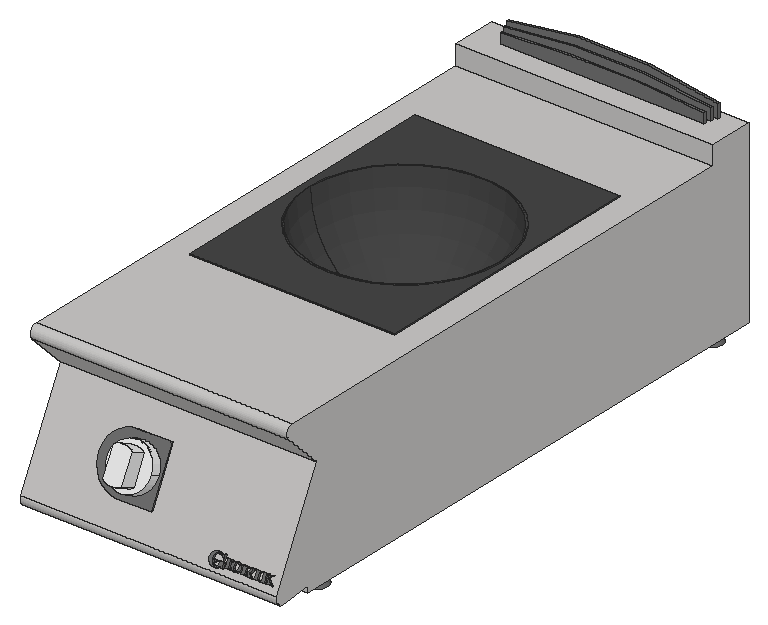
Revit family "QF_GIORIK_CW920T", category Specialty Equipment, Revit 2014
Parameters (values of type "CW920T")
  Weight in Pounds = 99.2079
  Watts = 6000 W
  Volts = 400 V
  URL Cutsheet = "www.giorik.com"
  URL = "www.giorik.com"
  Status [instance] = ""
  Specification by User [instance] = ""
  Specification by Manufacturer = ""
  Show Logo [instance] = yes
  Show Clearance [instance] = yes
  Serial Number = ""
  Seismic Rating = ""
  SMACNA No = ""
  Revision Code [instance] = ""
  Phase = 3
  Number of Poles [instance] = 3
  NAFEM Spec ID Number = ""
  Model = "CW920T"
  Min Ckt Ampacity = 0 A
  Max Overcurrent Protection = 0 A
  Masterspec = ""
  Manufacturer = "GIORIK"
  Item Number [instance] = ""
  Installed By [instance] = ""
  Identify Quantity as Lot [instance] = no
  HP = "8.046120000000"
  Furnished By [instance] = ""
  Foodservice Equipment Identifier [instance] = yes
  FL Amps = 0 A
  Electrical Remarks [instance] = ""
  Electric Connection Type [instance] = ""
  Elec Conn RI Height [instance] = 0 mm
  Elec Conn Connection Height [instance] = 20 mm
  Description = "COUNTERTOP INDUCTION WOK HOB"
  Cycle = 50 Hz
  Conn Plug = ""
  CSI MasterFormat = ""
  Assembly Code = "E1090320"
  Apparent Power = 6000 VA
Reference planes
  plane 1 "Back": y = 0
  plane 2: z = 0
  plane 3 "Left": x = 0
  plane 4 "Right": x = 400
  plane 5 "Front": y = -920
  plane 6 "Top": z = 300
Forms (mm)
  Extrusion 1, solid, visible <- "Show Logo"
    sketch origin (196.604, -936.624, 9.486) x (-1, 0, 0) y (0, 0.452718, 0.891654)
      loop
        line (-118.824, 58.358) -> (-127.804, 58.358) -> (-125.523, 56.445) -> (-125.523, 48.027) -> (-127.804, 46.113) -> (-118.824, 46.113) -> (-121.105, 48.027) -> (-121.105, 56.445) -> (-118.824, 58.358)
      loop
        line (-163.721, 58.358) -> (-172.7, 58.358) -> (-170.42, 56.445) -> (-170.42, 48.027) -> (-172.7, 46.113) -> (-163.721, 46.113) -> (-166.001, 48.027) -> (-166.001, 56.445) -> (-163.721, 58.358)
      loop
        line (-174.332, 58.358) -> (-183.312, 58.358) -> (-181.031, 56.445) -> (-181.031, 52.435) -> (-186.419, 56.955) -> (-184.416, 58.358) -> (-191.268, 58.358) -> (-188.01, 56.839) -> (-185.455, 54.283) -> (-190.846, 47.858) -> (-193.396, 46.93) -> (-193.396, 46.113) -> (-184.416, 46.113) -> (-185.437, 47.571) -> (-182.443, 51.552) -> (-181.031, 50.894) -> (-181.031, 48.027) -> (-183.312, 46.113) -> (-174.332, 46.113) -> (-176.613, 48.027) -> (-176.613, 56.445) -> (-174.332, 58.358)
      loop
        line (-115.429, 62.063) -> (-115.429, 54.198)
        arc (-115.429, 54.198) -> (-111.618, 57.803) -> (-106.847, 59.986) r 16.039
        arc (-106.847, 59.986) -> (-103.314, 59.837) -> (-100.512, 57.68) r 5.851
        arc (-100.512, 57.68) -> (-98.815, 52.267) -> (-100.512, 46.853) r 9.479
        arc (-100.512, 46.853) -> (-102.406, 44.986) -> (-104.846, 43.93) r 7.236
        arc (-104.846, 43.93) -> (-107.728, 44.111) -> (-110.052, 45.825) r 5.11
        line (-110.052, 45.825) -> (-110.052, 52.001) -> (-116.141, 52.001) -> (-116.141, 45.503) -> (-117.893, 43.751) -> (-114.094, 44.769)
        arc (-114.094, 44.769) -> (-112.56, 44.947) -> (-111.129, 44.366) r 3.115
        arc (-111.129, 44.366) -> (-104.216, 42.091) -> (-97.303, 44.366) r 11.641
        arc (-97.303, 44.366) -> (-93.396, 52.107) -> (-97.303, 59.849) r 9.622
        arc (-97.303, 59.849) -> (-104.369, 62.174) -> (-111.435, 59.849) r 11.898
        line (-111.435, 59.849) -> (-115.429, 62.063)
      loop
        arc (-129.234, 56.068) -> (-135.893, 58.628) -> (-142.552, 56.068) r 9.941
        arc (-142.552, 56.068) -> (-144.234, 52.286) -> (-142.552, 48.505) r 5.093
        arc (-142.552, 48.505) -> (-135.893, 45.945) -> (-129.234, 48.505) r 9.941
        arc (-129.234, 48.505) -> (-127.552, 52.286) -> (-129.234, 56.068) r 5.093
      loop
        arc (-132.628, 54.403) -> (-135.893, 57.668) -> (-139.158, 54.403) r 3.265
        line (-139.158, 54.403) -> (-139.158, 50.169)
        arc (-139.158, 50.169) -> (-135.893, 46.904) -> (-132.628, 50.169) r 3.265
        line (-132.628, 50.169) -> (-132.628, 54.403)
      loop
        arc (-156.363, 58.365) -> (-159.647, 55.081) -> (-156.363, 51.796) r 3.285
        line (-156.363, 51.796) -> (-159.529, 47.306) -> (-162.087, 46.113) -> (-155.847, 46.113) -> (-153.529, 51.083) -> (-150.637, 51.083) -> (-150.637, 47.784) -> (-153.022, 46.113) -> (-144.011, 46.113) -> (-146.094, 47.68) -> (-146.094, 56.493) -> (-144.229, 58.365) -> (-156.363, 58.365)
      loop
        line (-150.637, 57.512) -> (-153.637, 57.512)
        arc (-153.637, 57.512) -> (-156.237, 54.912) -> (-153.637, 52.312) r 2.6
        line (-153.637, 52.312) -> (-150.637, 52.312) -> (-150.637, 57.512)
      loop
        line (-108.924, 52.001) -> (-104.936, 49.005) -> (-100.948, 52.001) -> (-108.924, 52.001)
    from 1.5 to -0.5
  Extrusion 2, solid
    sketch origin (-4, -29.862, 5) x (1, 0, 0) y (0, 1, 0)
      loop
        circle (54, -385) r 12.5
    from 0 to 15
  Extrusion 3, solid
    sketch origin (0, 800.138, -620) x (0, 1, 0) y (0, 0, 1)
      loop
        line (-800.138, 919.988) -> (-870.138, 919.988) -> (-870.138, 889.988) -> (-1688.806, 889.988)
        arc (-1688.806, 889.988) -> (-1699.151, 883.075) -> (-1696.724, 870.873) r 11.197
        line (-1696.724, 870.873) -> (-1640.876, 815.025) -> (-1718.948, 661.258)
        arc (-1718.948, 661.258) -> (-1718.233, 650.105) -> (-1708.118, 645.354) r 10.981
        line (-1708.118, 645.354) -> (-1660, 649.925) -> (-1660, 640) -> (-800.138, 640) -> (-800.138, 919.988)
    from 0 to 400
  Extrusion 4, solid
    sketch origin (-273.221, -1163.208, -547.637) x (1, 0, 0) y (0, 0.452718, 0.891654)
      loop
        line (463.221, 676.25) -> (463.221, 766.25) -> (409.698, 766.25)
        arc (409.698, 766.25) -> (364.698, 721.25) -> (409.698, 676.25) r 45
        line (409.698, 676.25) -> (463.221, 676.25)
    from 48 to 50
  Extrusion 5, solid
    sketch origin (501.331, -1208.559, -525.041) x (-1, 0, 0) y (0, -0.45351, -0.891251)
      loop
        circle (351.331, -721.346) r 35
    from 0 to 15
  Extrusion 6, solid
    sketch origin (501.331, -1208.559, -525.041) x (-1, 0, 0) y (0, -0.45351, -0.891251)
      loop
        arc (336.331, -743.846) -> (351.331, -748.846) -> (366.331, -743.846) r 25
        line (366.331, -743.846) -> (366.331, -698.846)
        arc (366.331, -698.846) -> (351.331, -693.846) -> (336.331, -698.846) r 25
        line (336.331, -698.846) -> (336.331, -743.846)
    from 15 to 40
  Extrusion 7, solid
    sketch origin (-94, 0.138, -610.002) x (1, 0, 0) y (0, 0, 1)
      loop
        line (135, 909.989) -> (453, 909.989) -> (453, 925.527) -> (347.056, 931.749) -> (240.944, 931.749) -> (135, 925.527) -> (135, 909.989)
    from 32 to 35
  Extrusion 8, solid
    sketch origin (-92, 10.138, -610.002) x (1, 0, 0) y (0, 0, 1)
      loop
        line (454, 909.989) -> (454, 928.527) -> (346.162, 939.193) -> (237.838, 939.193) -> (130, 928.527) -> (130, 909.989) -> (454, 909.989)
    from 32 to 35
  Extrusion 9, solid
    sketch origin (-90, 20.138, -610.002) x (1, 0, 0) y (0, 0, 1)
      loop
        line (455, 909.989) -> (455, 930.527) -> (345.396, 947.413) -> (234.604, 947.413) -> (125, 930.527) -> (125, 909.989) -> (455, 909.989)
    from 32 to 35
  Extrusion 10, solid
    sketch origin (543.603, 45.293, -30) x (0, 1, 0) y (-1, 0, 0)
      loop
        circle (-79.293, 516.603) r 5
    from 41.965 to 50
  Revolve 11, solid
    sketch origin (27, 49.943, -600) x (0, 1, 0) y (0, 0, 1)
      loop
        line (-83.943, 611.965) -> (-94.752, 611.965) -> (-97.943, 600) -> (-83.943, 600) -> (-83.943, 611.965)
      axis (-83.943, 611.965) -> (-83.943, 600)
    angle from 0 to 360
  Extrusion 12, solid
    sketch origin (-143.603, 45.293, -30) x (0, 1, 0) y (-1, 0, 0)
      loop
        circle (-79.293, -516.603) r 5
    from 41.965 to 50
  Revolve 13, solid
    sketch origin (373, 49.943, -600) x (0, 1, 0) y (0, 0, -1)
      loop
        line (-83.943, -611.965) -> (-83.943, -600) -> (-97.943, -600) -> (-94.752, -611.965) -> (-83.943, -611.965)
      axis (-83.943, -611.965) -> (-83.943, -600)
    angle from 0 to 360
  Extrusion 14, solid
    sketch origin (543.603, -724.569, -30) x (0, 1, 0) y (-1, 0, 0)
      loop
        circle (-79.293, 516.603) r 5
    from 41.965 to 50
  Revolve 15, solid
    sketch origin (27, -719.92, -600) x (0, 1, 0) y (0, 0, 1)
      loop
        line (-83.943, 611.965) -> (-94.752, 611.965) -> (-97.943, 600) -> (-83.943, 600) -> (-83.943, 611.965)
      axis (-83.943, 611.965) -> (-83.943, 600)
    angle from 0 to 360
  Extrusion 16, solid
    sketch origin (-143.603, -724.569, -30) x (0, 1, 0) y (-1, 0, 0)
      loop
        circle (-79.293, -516.603) r 5
    from 41.965 to 50
  Revolve 17, solid
    sketch origin (373, -719.92, -600) x (0, 1, 0) y (0, 0, -1)
      loop
        line (-83.943, -611.965) -> (-83.943, -600) -> (-97.943, -600) -> (-94.752, -611.965) -> (-83.943, -611.965)
      axis (-83.943, -611.965) -> (-83.943, -600)
    angle from 0 to 360
  Revolve 18, solid
    sketch origin (-0.001, -419.931, 271.988) x (1, 0, 0) y (0, 0, 1)
      loop
        arc (200, -148) -> (95.348, -104.652) -> (52, 0) r 148
        line (52, 0) -> (50, 0)
        arc (50, 0) -> (93.934, -106.066) -> (200, -150) r 150
        line (200, -150) -> (200, -148)
      axis (200, 0) -> (200, -150)
    angle from 0 to 360
  Extrusion 19, solid
    sketch origin (0, -64.931, 269.988) x (0, 1, 0) y (-1, 0, 0)
      loop
        line (-575, -359.999) -> (-135, -359.999) -> (-135, -39.999) -> (-575, -39.999) -> (-575, -359.999)
      loop
        circle (-355, -199.999) r 150
    from 0 to 2
  Revolve 20, void
    sketch origin (-0.001, -419.931, 270.988) x (1, 0, 0) y (0, 0, 1)
      loop
        arc (50, 0) -> (93.934, -106.066) -> (200, -150) r 150
        line (200, -150) -> (200, 0) -> (50, 0)
      axis (200, 0) -> (200, -150)
    angle from 0 to 360
Cuts and joins
  Revolve 20 cuts Extrusion 3
Lines and regions (mm)
  symbolic lines, style "200-EquipBorder-2D"
    curve 1: line (0, -919.862, 0) -> (400, -919.862, 0)
    curve 2: line (400, -919.862, 0) -> (400, 0, 0)
    curve 3: line (400, 0, 0) -> (0, 0, 0)
    curve 4: line (0, 0, 0) -> (0, -919.862, 0)
  symbolic lines, style "200-EquipInternal-2D"
    curve 5: line (0, -70, 300) -> (400, -70, 300)
    curve 6: line (35, -11.862, 900) -> (365, -11.862, 900)
    curve 7: line (365, -11.862, 900) -> (365, -14.862, 900)
    curve 8: line (365, -14.862, 900) -> (35, -14.862, 900)
    curve 9: line (35, -14.862, 900) -> (35, -11.862, 900)
    curve 10: line (38, -21.862, 900) -> (362, -21.862, 900)
    curve 11: line (362, -21.862, 900) -> (362, -24.862, 900)
    curve 12: line (362, -24.862, 900) -> (38, -24.862, 900)
    curve 13: line (38, -24.862, 900) -> (38, -21.862, 900)
    curve 14: line (41, -31.862, 900) -> (359, -31.862, 900)
    curve 15: line (359, -31.862, 900) -> (359, -34.862, 900)
    curve 16: line (359, -34.862, 900) -> (41, -34.862, 900)
    curve 17: line (41, -34.862, 900) -> (41, -31.862, 900)
    curve 18: circle (199.999, -419.931, 300) r 150 normal (0, 0, 1)
    curve 19: line (39.999, -199.931, 300) -> (39.999, -639.931, 300)
    curve 20: line (39.999, -639.931, 300) -> (359.999, -639.931, 300)
    curve 21: line (359.999, -639.931, 300) -> (359.999, -199.931, 300)
    curve 22: line (359.999, -199.931, 300) -> (39.999, -199.931, 300)
Dimensions and locks
  plane 3 "Left" to plane 4 "Right" = 400 mm
  plane 5 "Front" to plane 1 "Back" = 920 mm
  plane 4 "Right" to plane 3 "Left" = 400 mm
  plane 1 "Back" to plane 5 "Front" = 920 mm
  plane 6 "Top" to level = 300 mm  (x2)
  aligned and locked: level to plane 2
Connectors
  electrical at (50, -414.862, 5), driven by "Apparent Power", driven by "Volts", driven by "Number of Poles"
    settings: on Extrusion 2, index 1, voltage 400 V, apparent load 0 VA, apparent load phase1 6000 VA, apparent load phase2 0 VA, apparent load phase3 0 VA, power factor 1, load classification "Other", number of poles 3, system type 31, power factor state 1, is connector primary yes, connector utility no, sub classification motor no, connector description "Electrical connection"
